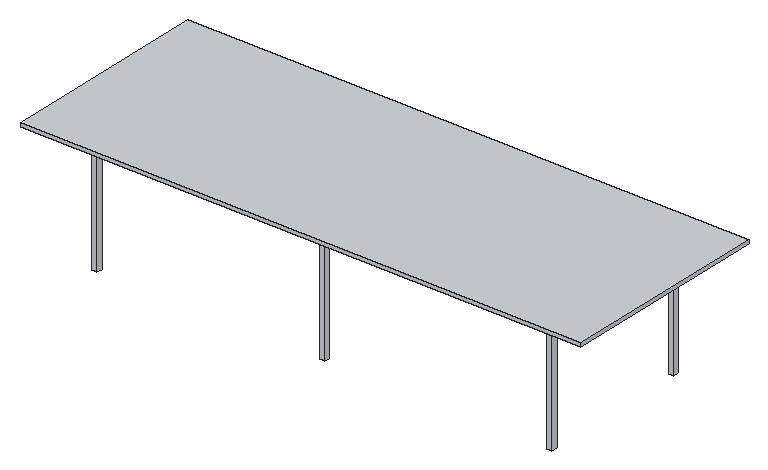
Revit family "Mesa - Estação de trabalho", category Mobiliário, Revit 2019
Family settings
  Com base no plano de trabalho = Não
  Sempre na vertical = Sim
  Corte com vazios quando carregada = Não
  Compartilhado = Não
  Ponto de cálculo do ambiente = Não
Parameters (values of type "Mesa - Estação de trabalho")
  Visibilidade do poste do meio [instance] = Comprimento > 3000 mm  # yes
  Largura do poste = 30 mm
  Comprimento do poste = 30 mm
  Espessura do painel = 20 mm
  Largura = 1200 mm
  Comprimento [instance] = 3200 mm
  Material de poste = none
  Material do painel = none
  Altura = 720 mm
  Assembly Code = ""
Reference planes
  plane 1 "Centro (Frente/Trás)": y = 1020
  plane 2: z = 0
  plane 3 "Centro (Esquerda/Direita)": x = -1260
  plane 4: y = 1615
  plane 5: y = 415
  plane 6: x = -2860
  plane 7: x = 340
  plane 8: x = -2560
  plane 9: x = 40
  plane 10: y = 1455
  plane 11: y = 585
  plane 12: y = 1470
  plane 13: y = 1440
  plane 14: x = -2575
  plane 15: x = -2545
  plane 16: x = 55
  plane 17: x = 25
  plane 18: y = 570
  plane 19: y = 600
  plane 20: z = 720
  plane 21: z = 700
  plane 22: z = 670
  plane 23: x = -1275
  plane 24: x = -1245
Forms (mm)
  Extrusion 1, solid, material <- "Material do painel"
    sketch origin (-15000, -140, 0) x (1, 0, 0) y (0, 1, 0)
      loop
        line (12140, 1755) -> (12140, 555) -> (15340, 555) -> (15340, 1755) -> (12140, 1755)
    from 700 to 720
  Sweep 2, solid, material <- "Material de poste"
    path origin (-2560, 3689.824, 1200) x (0, 1, 0) y (0, 0, 1)
      loop
        line (-3104.824, -500) -> (-3104.824, -1200)
    profile "Poste : Poste" origin (-2560, 585, 350) x (0, 1, 0) y (1, 0, 0)
      loop
        line (-15, 15) -> (-15, -15) -> (15, -15) -> (15, 15) -> (-15, 15)
  Sweep 3, solid, material <- "Material de poste"
    path origin (-6660, 1455, 1200) x (1, 0, 0) y (0, 0, 1)
      loop
        line (6700, -500) -> (6700, -1200)
    profile "Poste : Poste" origin (40, 1455, 350) x (1, 0, 0) y (0, -1, 0)
      loop
        line (-15, -15) -> (15, -15) -> (15, 15) -> (-15, 15) -> (-15, -15)
  Sweep 4, solid, material <- "Material de poste"
    path origin (40, 3878.012, 1200) x (0, 1, 0) y (0, 0, 1)
      loop
        line (-3293.012, -500) -> (-3293.012, -1200)
    profile "Poste : Poste" origin (40, 585, 350) x (0, 1, 0) y (1, 0, 0)
      loop
        line (-15, 15) -> (-15, -15) -> (15, -15) -> (15, 15) -> (-15, 15)
  Sweep 5, solid, material <- "Material de poste"
    path origin (-2560, 3689.824, 1200) x (0, 1, 0) y (0, 0, 1)
      loop
        line (-2234.824, -500) -> (-2234.824, -1200)
    profile "Poste : Poste" origin (-2560, 1455, 350) x (0, 1, 0) y (1, 0, 0)
      loop
        line (-15, 15) -> (-15, -15) -> (15, -15) -> (15, 15) -> (-15, 15)
  Sweep 6, solid, material <- "Material de poste", visible <- "Visibilidade do poste do meio"
    path origin (5340, 585, 1200) x (1, 0, 0) y (0, 0, 1)
      loop
        line (-6600, -530) -> (-6600, -1200)
    profile "Poste : Poste" origin (-1260, 585, 335) x (1, 0, 0) y (0, -1, 0)
      loop
        line (-15, -15) -> (15, -15) -> (15, 15) -> (-15, 15) -> (-15, -15)
  Sweep 7, solid, material <- "Material de poste", visible <- "Visibilidade do poste do meio"
    path origin (-6660, 1455, 1360) x (1, 0, 0) y (0, 0, 1)
      loop
        line (5400, -690) -> (5400, -1360)
    profile "Poste : Poste" origin (-1260, 1455, 335) x (1, 0, 0) y (0, -1, 0)
      loop
        line (-15, -15) -> (15, -15) -> (15, 15) -> (-15, 15) -> (-15, -15)
  Extrusion 8, solid, material <- "Material de poste"
    sketch origin (0, 0, 0) x (1, 0, 0) y (0, 1, 0)
      loop
        line (-2545, 1440) -> (-2545, 600) -> (25, 600) -> (25, 1440) -> (-2545, 1440)
      loop
        line (-2575, 1470) -> (-2575, 570) -> (55, 570) -> (55, 1470) -> (-2575, 1470)
    from 670 to 700
  Extrusion 9, solid, material <- "Material de poste", visible <- "Visibilidade do poste do meio"
    sketch origin (0, 0, 0) x (1, 0, 0) y (0, 1, 0)
      loop
        line (-1275, 1440) -> (-1275, 600) -> (-1245, 600) -> (-1245, 1440) -> (-1275, 1440)
    from 670 to 700
Cuts and joins
  joined: Sweep 2, Sweep 3, Sweep 4, Sweep 5, Extrusion 8
Lines and regions (mm)
  Masking region 1
    outline origin (0, 0, 0) x (1, 0, 0) y (0, 1, 0)
      loop
        line (-2860, 1615) -> (-2860, 415) -> (340, 415) -> (340, 1615) -> (-2860, 1615)
  symbolic lines
    curve 1: line (-2860, 1615, 0) -> (-2860, 415, 0)
    curve 2: line (-2860, 415, 0) -> (340, 415, 0)
    curve 3: line (340, 1615, 0) -> (340, 415, 0)
    curve 4: line (-2860, 1615, 0) -> (340, 1615, 0)
Dimensions and locks
  Extrusion 1 to Extrusion 1 = 20 mm
  "Largura": plane 4 to plane 5
  plane 4 to plane 1 "Centro (Frente/Trás)" to plane 5 = 595 mm, 605 mm
  "Comprimento": plane 6 to plane 7
  equal spacing: plane 6, plane 3 "Centro (Esquerda/Direita)", plane 7
  equal spacing: plane 8, plane 3 "Centro (Esquerda/Direita)", plane 9
  equal spacing: plane 11, plane 1 "Centro (Frente/Trás)", plane 10
  locked: plane 4 to plane 10 at 160
  locked: plane 6 to plane 8 at 300
  equal spacing: plane 14, plane 8, plane 15
  equal spacing: plane 19, plane 11, plane 18
  equal spacing: plane 17, plane 9, plane 16
  "Altura": plane 2 to plane 20
  "Espessura do painel": plane 21 to plane 20
  "Largura do poste": plane 13 to plane 12
  equal spacing: plane 13, plane 10, plane 12
  "Comprimento do poste": plane 14 to plane 15
  "Largura do poste": plane 19 to plane 18
  "Comprimento do poste": plane 17 to plane 16
  "Largura do poste": plane 22 to plane 21
  equal spacing: plane 23, plane 3 "Centro (Esquerda/Direita)", plane 24
  "Comprimento do poste": plane 23 to plane 24
  aligned and locked: Extrusion 1 to plane 6
  aligned and locked: plane 7 to Extrusion 1
  aligned and locked: Extrusion 1 to plane 5
  aligned and locked: plane 4 to Extrusion 1
  aligned and locked: plane 11 to Sweep 2 sketch curve
  aligned and locked: plane 9 to Sweep 3 sketch curve
  aligned and locked: Extrusion 1 to Sweep 3 sketch curve
  aligned and locked: plane 2 to Sweep 3 sketch curve
  aligned and locked: plane 2 to Sweep 2 sketch curve
  aligned and locked: Sweep 4 sketch curve to plane 11
  aligned and locked: plane 2 to Sweep 4 sketch curve
  aligned and locked: Sweep 5 sketch curve to plane 10
  aligned and locked: plane 2 to Sweep 5 sketch curve
  aligned and locked: Sweep 6 sketch curve to plane 3 "Centro (Esquerda/Direita)"
  aligned and locked: plane 2 to Sweep 6 sketch curve
  aligned and locked: plane 3 "Centro (Esquerda/Direita)" to Sweep 7 sketch curve
  aligned and locked: curve 1 to plane 6
  aligned and locked: curve 2 to plane 5
  aligned and locked: curve 3 to plane 7
  aligned and locked: curve 4 to plane 4
  aligned and locked: Masking region 1 sketch curve to plane 4
  aligned and locked: Masking region 1 sketch curve to plane 6
  aligned and locked: Masking region 1 sketch curve to plane 5
  aligned and locked: Masking region 1 sketch curve to plane 7
  aligned and locked: Extrusion 1 to plane 20
  aligned and locked: Extrusion 1 to plane 21
  aligned and locked: plane 21 to Sweep 2 sketch curve
  aligned and locked: plane 2 to Sweep 7 sketch curve
  aligned and locked: plane 12 to Extrusion 8 sketch curve
  aligned and locked: Extrusion 8 sketch curve to plane 14
  aligned and locked: plane 18 to Extrusion 8 sketch curve
  aligned and locked: Extrusion 8 sketch curve to plane 16
  aligned and locked: Extrusion 8 sketch curve to plane 17
  aligned and locked: plane 13 to Extrusion 8 sketch curve
  aligned and locked: plane 19 to Extrusion 8 sketch curve
  aligned and locked: Extrusion 8 sketch curve to plane 15
  aligned and locked: plane 21 to Extrusion 1
  aligned and locked: Extrusion 8 to plane 21
  aligned and locked: Extrusion 8 to plane 22
  aligned and locked: plane 22 to Sweep 6 sketch curve
  aligned and locked: plane 22 to Sweep 7 sketch curve
  aligned and locked: plane 13 to Extrusion 9 sketch curve
  aligned and locked: Extrusion 9 sketch curve to plane 23
  aligned and locked: Extrusion 9 sketch curve to plane 24
  aligned and locked: plane 19 to Extrusion 9 sketch curve
  aligned and locked: plane 21 to Extrusion 9
  aligned and locked: Extrusion 9 to plane 22
Automatic sketch dimensions
  Extrusion 1 sketch curve to plane 4 = 0 mm
  Extrusion 1 sketch curve to plane 6 = 0 mm
  Extrusion 1 sketch curve to plane 5 = 0 mm
  Extrusion 1 sketch curve to plane 7 = 0 mm
  Sweep 4 sketch curve to plane 21 = 0 mm
  Sweep 5 sketch curve to plane 21 = 0 mm
